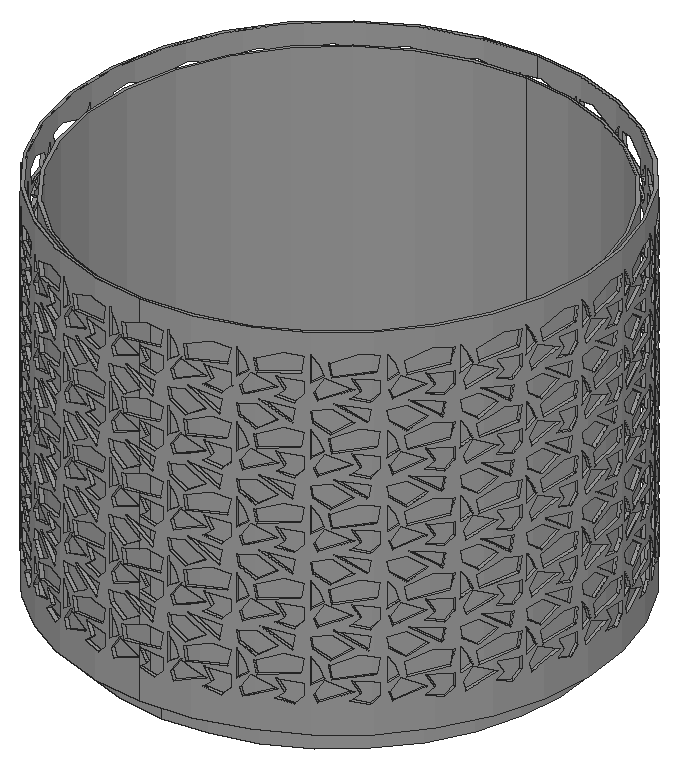
Revit family "14832 Цветочница «Филигран» средняя, диаметр 900 мм Хоббика", category Антураж, Revit 2018
Family settings
  На основе рабочей плоскости = Нет
  Всегда вертикально = Да
  При загрузке вырезать с полостями = Нет
  Источник визуального образа = Геометрия семейства
  Общий = Нет
  Точка расчета площади = Нет
Parameters (values of type "Цветочница «Филигран» средняя, диаметр 900 мм")
  Ширина = Диаметр  # 900 mm
  Цвет отделки = Сталь окрашеная
  Описание = "Цветочница «Филигран» средняя, диаметр 900 мм"  # constant formula
  Материал изделия = "Сталь, съемная оцинкованная вставка"  # constant formula
  Изображение типоразмера = Цветочница «Филигран» средняя, диаметр 900 мм Арт 14832.jpg
  Изготовитель = "ООО«Хоббика»"  # constant formula
  Длина = Диаметр  # 900 mm
  Диаметр = 900 mm  # constant formula
  Группа модели = "Цветочницы и уличные вазоны для цветов"  # constant formula
  Высота = 700 mm  # constant formula
  Артикул товара = "Арт. 14832"  # constant formula
  URL = "https://hobbyka.ru/product/tsvetochnitsa_filigran_bolshaya"
Reference planes
  plane 1 "По центру (Вперед/Назад)": y = 0
  plane 2: z = 0
  plane 3 "По центру (Влево/Вправо)": x = 0
  plane 4: y = 900
  plane 5: x = 900
  plane 6: z = 700
Forms (mm)
  Revolve 1, solid, material "Сталь окрашеная" <- "Цвет отделки"
    sketch origin (450, 0, 0) x (0, 1, 0) y (0, 0, 1)
      loop
        line (5, 700) -> (0, 700) -> (0, 50) -> (50, 50) -> (50, 0) -> (450, 0) -> (450, 5) -> (55, 5) -> (55, 55) -> (5, 55) -> (5, 700)
      axis (450, 700) -> (450, 0)
    angle from 0 to 360
  Revolve 2, solid, material "Сталь"
    sketch origin (450, 0, 0) x (0, 1, 0) y (0, 0, 1)
      loop
        line (30, 675) -> (25, 675) -> (25, 75) -> (450, 75) -> (450, 80) -> (30, 80) -> (30, 675)
      axis (450, 675) -> (450, 75)
    angle from 0 to 360
  Extrusion 3, void
    sketch origin (0.829, -145.167, 0) x (0, 1, 0) y (0, 0, 1)
      loop
        line (588.639, 665.248) -> (575.707, 648.292) -> (568.867, 629.498) -> (588.639, 618.083) -> (588.639, 665.248)
      loop
        line (563.682, 650.794) -> (519.831, 666.754) -> (490.287, 661.545) -> (494.976, 634.951) -> (559.492, 627.029) -> (563.682, 650.794)
      loop
        line (584.351, 604.319) -> (568.12, 627.499) -> (527.336, 608.481) -> (579.019, 589.67) -> (584.351, 604.319)
      loop
        line (556.066, 585.604) -> (503.268, 576.294) -> (507.609, 551.674) -> (556.066, 585.604)
      loop
        line (588.917, 573.182) -> (559.373, 578.391) -> (526.607, 555.448) -> (559.625, 536.385) -> (585.641, 554.601) -> (588.917, 573.182)
      loop
        line (588.639, 543.248) -> (575.707, 526.292) -> (568.867, 507.498) -> (588.639, 496.083) -> (588.639, 543.248)
      loop
        line (563.682, 528.794) -> (519.831, 544.754) -> (490.287, 539.545) -> (494.976, 512.951) -> (559.492, 505.029) -> (563.682, 528.794)
      loop
        line (490.287, 599.912) -> (504.429, 585.77) -> (533.407, 593.534) -> (518.941, 604.566) -> (531.441, 626.217) -> (490.287, 621.966) -> (490.287, 599.912)
      loop
        line (584.351, 482.319) -> (568.12, 505.499) -> (527.336, 486.481) -> (579.019, 467.67) -> (584.351, 482.319)
      loop
        line (556.066, 463.604) -> (503.268, 454.294) -> (507.609, 429.674) -> (556.066, 463.604)
      loop
        line (588.917, 451.182) -> (559.373, 456.391) -> (526.607, 433.448) -> (559.625, 414.385) -> (585.641, 432.601) -> (588.917, 451.182)
      loop
        line (588.639, 421.248) -> (575.707, 404.292) -> (568.867, 385.498) -> (588.639, 374.083) -> (588.639, 421.248)
      loop
        line (563.682, 406.794) -> (519.831, 422.754) -> (490.287, 417.545) -> (494.976, 390.951) -> (559.492, 383.029) -> (563.682, 406.794)
      loop
        line (490.287, 477.912) -> (504.429, 463.77) -> (533.407, 471.534) -> (518.941, 482.566) -> (531.441, 504.217) -> (490.287, 499.966) -> (490.287, 477.912)
      loop
        line (584.351, 360.319) -> (568.12, 383.499) -> (527.336, 364.481) -> (579.019, 345.67) -> (584.351, 360.319)
      loop
        line (556.066, 341.604) -> (503.268, 332.294) -> (507.609, 307.674) -> (556.066, 341.604)
      loop
        line (588.917, 329.182) -> (559.373, 334.391) -> (526.607, 311.448) -> (559.625, 292.385) -> (585.641, 310.601) -> (588.917, 329.182)
      loop
        line (588.639, 299.248) -> (575.707, 282.292) -> (568.867, 263.498) -> (588.639, 252.083) -> (588.639, 299.248)
      loop
        line (563.682, 284.794) -> (519.831, 300.754) -> (490.287, 295.545) -> (494.976, 268.951) -> (559.492, 261.029) -> (563.682, 284.794)
      loop
        line (490.287, 355.912) -> (504.429, 341.77) -> (533.407, 349.534) -> (518.941, 360.566) -> (531.441, 382.217) -> (490.287, 377.966) -> (490.287, 355.912)
      loop
        line (584.351, 238.319) -> (568.12, 261.499) -> (527.336, 242.481) -> (579.019, 223.67) -> (584.351, 238.319)
      loop
        line (556.066, 219.604) -> (503.268, 210.294) -> (507.609, 185.674) -> (556.066, 219.604)
      loop
        line (588.917, 207.182) -> (559.373, 212.391) -> (526.607, 189.448) -> (559.625, 170.385) -> (585.641, 188.601) -> (588.917, 207.182)
      loop
        line (588.639, 177.248) -> (575.707, 160.292) -> (568.867, 141.498) -> (588.639, 130.083) -> (588.639, 177.248)
      loop
        line (563.682, 162.794) -> (519.831, 178.754) -> (490.287, 173.545) -> (494.976, 146.951) -> (559.492, 139.029) -> (563.682, 162.794)
      loop
        line (490.287, 233.912) -> (504.429, 219.77) -> (533.407, 227.534) -> (518.941, 238.566) -> (531.441, 260.217) -> (490.287, 255.966) -> (490.287, 233.912)
      loop
        line (584.351, 116.319) -> (568.12, 139.499) -> (527.336, 120.481) -> (579.019, 101.67) -> (584.351, 116.319)
      loop
        line (490.287, 111.912) -> (504.429, 97.77) -> (533.407, 105.534) -> (518.941, 116.566) -> (531.441, 138.217) -> (490.287, 133.966) -> (490.287, 111.912)
    from -4.356 to 19.171
  Extrusion 4, void
    sketch origin (153.754, -234.264, 0) x (-0.235685, 0.97183, 0) y (0, 0, 1)
      loop
        line (588.639, 665.248) -> (575.707, 648.292) -> (568.867, 629.498) -> (588.639, 618.083) -> (588.639, 665.248)
      loop
        line (563.682, 650.794) -> (519.831, 666.754) -> (490.287, 661.545) -> (494.976, 634.951) -> (559.492, 627.029) -> (563.682, 650.794)
      loop
        line (584.351, 604.319) -> (568.12, 627.499) -> (527.336, 608.481) -> (579.019, 589.67) -> (584.351, 604.319)
      loop
        line (556.066, 585.604) -> (503.268, 576.294) -> (507.609, 551.674) -> (556.066, 585.604)
      loop
        line (588.917, 573.182) -> (559.373, 578.391) -> (526.607, 555.448) -> (559.625, 536.385) -> (585.641, 554.601) -> (588.917, 573.182)
      loop
        line (588.639, 543.248) -> (575.707, 526.292) -> (568.867, 507.498) -> (588.639, 496.083) -> (588.639, 543.248)
      loop
        line (563.682, 528.794) -> (519.831, 544.754) -> (490.287, 539.545) -> (494.976, 512.951) -> (559.492, 505.029) -> (563.682, 528.794)
      loop
        line (490.287, 599.912) -> (504.429, 585.77) -> (533.407, 593.534) -> (518.941, 604.566) -> (531.441, 626.217) -> (490.287, 621.966) -> (490.287, 599.912)
      loop
        line (584.351, 482.319) -> (568.12, 505.499) -> (527.336, 486.481) -> (579.019, 467.67) -> (584.351, 482.319)
      loop
        line (556.066, 463.604) -> (503.268, 454.294) -> (507.609, 429.674) -> (556.066, 463.604)
      loop
        line (588.917, 451.182) -> (559.373, 456.391) -> (526.607, 433.448) -> (559.625, 414.385) -> (585.641, 432.601) -> (588.917, 451.182)
      loop
        line (588.639, 421.248) -> (575.707, 404.292) -> (568.867, 385.498) -> (588.639, 374.083) -> (588.639, 421.248)
      loop
        line (563.682, 406.794) -> (519.831, 422.754) -> (490.287, 417.545) -> (494.976, 390.951) -> (559.492, 383.029) -> (563.682, 406.794)
      loop
        line (490.287, 477.912) -> (504.429, 463.77) -> (533.407, 471.534) -> (518.941, 482.566) -> (531.441, 504.217) -> (490.287, 499.966) -> (490.287, 477.912)
      loop
        line (584.351, 360.319) -> (568.12, 383.499) -> (527.336, 364.481) -> (579.019, 345.67) -> (584.351, 360.319)
      loop
        line (556.066, 341.604) -> (503.268, 332.294) -> (507.609, 307.674) -> (556.066, 341.604)
      loop
        line (588.917, 329.182) -> (559.373, 334.391) -> (526.607, 311.448) -> (559.625, 292.385) -> (585.641, 310.601) -> (588.917, 329.182)
      loop
        line (588.639, 299.248) -> (575.707, 282.292) -> (568.867, 263.498) -> (588.639, 252.083) -> (588.639, 299.248)
      loop
        line (563.682, 284.794) -> (519.831, 300.754) -> (490.287, 295.545) -> (494.976, 268.951) -> (559.492, 261.029) -> (563.682, 284.794)
      loop
        line (490.287, 355.912) -> (504.429, 341.77) -> (533.407, 349.534) -> (518.941, 360.566) -> (531.441, 382.217) -> (490.287, 377.966) -> (490.287, 355.912)
      loop
        line (584.351, 238.319) -> (568.12, 261.499) -> (527.336, 242.481) -> (579.019, 223.67) -> (584.351, 238.319)
      loop
        line (556.066, 219.604) -> (503.268, 210.294) -> (507.609, 185.674) -> (556.066, 219.604)
      loop
        line (588.917, 207.182) -> (559.373, 212.391) -> (526.607, 189.448) -> (559.625, 170.385) -> (585.641, 188.601) -> (588.917, 207.182)
      loop
        line (588.639, 177.248) -> (575.707, 160.292) -> (568.867, 141.498) -> (588.639, 130.083) -> (588.639, 177.248)
      loop
        line (563.682, 162.794) -> (519.831, 178.754) -> (490.287, 173.545) -> (494.976, 146.951) -> (559.492, 139.029) -> (563.682, 162.794)
      loop
        line (490.287, 233.912) -> (504.429, 219.77) -> (533.407, 227.534) -> (518.941, 238.566) -> (531.441, 260.217) -> (490.287, 255.966) -> (490.287, 233.912)
      loop
        line (584.351, 116.319) -> (568.12, 139.499) -> (527.336, 120.481) -> (579.019, 101.67) -> (584.351, 116.319)
      loop
        line (490.287, 111.912) -> (504.429, 97.77) -> (533.407, 105.534) -> (518.941, 116.566) -> (531.441, 138.217) -> (490.287, 133.966) -> (490.287, 111.912)
    from -4.356 to 19.171
  Extrusion 5, void
    sketch origin (323.37, -284.808, 0) x (-0.458091, 0.888905, 0) y (0, 0, 1)
      loop
        line (588.639, 665.248) -> (575.707, 648.292) -> (568.867, 629.498) -> (588.639, 618.083) -> (588.639, 665.248)
      loop
        line (563.682, 650.794) -> (519.831, 666.754) -> (490.287, 661.545) -> (494.976, 634.951) -> (559.492, 627.029) -> (563.682, 650.794)
      loop
        line (584.351, 604.319) -> (568.12, 627.499) -> (527.336, 608.481) -> (579.019, 589.67) -> (584.351, 604.319)
      loop
        line (556.066, 585.604) -> (503.268, 576.294) -> (507.609, 551.674) -> (556.066, 585.604)
      loop
        line (588.917, 573.182) -> (559.373, 578.391) -> (526.607, 555.448) -> (559.625, 536.385) -> (585.641, 554.601) -> (588.917, 573.182)
      loop
        line (588.639, 543.248) -> (575.707, 526.292) -> (568.867, 507.498) -> (588.639, 496.083) -> (588.639, 543.248)
      loop
        line (563.682, 528.794) -> (519.831, 544.754) -> (490.287, 539.545) -> (494.976, 512.951) -> (559.492, 505.029) -> (563.682, 528.794)
      loop
        line (490.287, 599.912) -> (504.429, 585.77) -> (533.407, 593.534) -> (518.941, 604.566) -> (531.441, 626.217) -> (490.287, 621.966) -> (490.287, 599.912)
      loop
        line (584.351, 482.319) -> (568.12, 505.499) -> (527.336, 486.481) -> (579.019, 467.67) -> (584.351, 482.319)
      loop
        line (556.066, 463.604) -> (503.268, 454.294) -> (507.609, 429.674) -> (556.066, 463.604)
      loop
        line (588.917, 451.182) -> (559.373, 456.391) -> (526.607, 433.448) -> (559.625, 414.385) -> (585.641, 432.601) -> (588.917, 451.182)
      loop
        line (588.639, 421.248) -> (575.707, 404.292) -> (568.867, 385.498) -> (588.639, 374.083) -> (588.639, 421.248)
      loop
        line (563.682, 406.794) -> (519.831, 422.754) -> (490.287, 417.545) -> (494.976, 390.951) -> (559.492, 383.029) -> (563.682, 406.794)
      loop
        line (490.287, 477.912) -> (504.429, 463.77) -> (533.407, 471.534) -> (518.941, 482.566) -> (531.441, 504.217) -> (490.287, 499.966) -> (490.287, 477.912)
      loop
        line (584.351, 360.319) -> (568.12, 383.499) -> (527.336, 364.481) -> (579.019, 345.67) -> (584.351, 360.319)
      loop
        line (556.066, 341.604) -> (503.268, 332.294) -> (507.609, 307.674) -> (556.066, 341.604)
      loop
        line (588.917, 329.182) -> (559.373, 334.391) -> (526.607, 311.448) -> (559.625, 292.385) -> (585.641, 310.601) -> (588.917, 329.182)
      loop
        line (588.639, 299.248) -> (575.707, 282.292) -> (568.867, 263.498) -> (588.639, 252.083) -> (588.639, 299.248)
      loop
        line (563.682, 284.794) -> (519.831, 300.754) -> (490.287, 295.545) -> (494.976, 268.951) -> (559.492, 261.029) -> (563.682, 284.794)
      loop
        line (490.287, 355.912) -> (504.429, 341.77) -> (533.407, 349.534) -> (518.941, 360.566) -> (531.441, 382.217) -> (490.287, 377.966) -> (490.287, 355.912)
      loop
        line (584.351, 238.319) -> (568.12, 261.499) -> (527.336, 242.481) -> (579.019, 223.67) -> (584.351, 238.319)
      loop
        line (556.066, 219.604) -> (503.268, 210.294) -> (507.609, 185.674) -> (556.066, 219.604)
      loop
        line (588.917, 207.182) -> (559.373, 212.391) -> (526.607, 189.448) -> (559.625, 170.385) -> (585.641, 188.601) -> (588.917, 207.182)
      loop
        line (588.639, 177.248) -> (575.707, 160.292) -> (568.867, 141.498) -> (588.639, 130.083) -> (588.639, 177.248)
      loop
        line (563.682, 162.794) -> (519.831, 178.754) -> (490.287, 173.545) -> (494.976, 146.951) -> (559.492, 139.029) -> (563.682, 162.794)
      loop
        line (490.287, 233.912) -> (504.429, 219.77) -> (533.407, 227.534) -> (518.941, 238.566) -> (531.441, 260.217) -> (490.287, 255.966) -> (490.287, 233.912)
      loop
        line (584.351, 116.319) -> (568.12, 139.499) -> (527.336, 120.481) -> (579.019, 101.67) -> (584.351, 116.319)
      loop
        line (490.287, 111.912) -> (504.429, 97.77) -> (533.407, 105.534) -> (518.941, 116.566) -> (531.441, 138.217) -> (490.287, 133.966) -> (490.287, 111.912)
    from -4.356 to 19.171
  Extrusion 6, void
    sketch origin (500.121, -293.953, 0) x (-0.654688, 0.755899, 0) y (0, 0, 1)
      loop
        line (588.639, 665.248) -> (575.707, 648.292) -> (568.867, 629.498) -> (588.639, 618.083) -> (588.639, 665.248)
      loop
        line (563.682, 650.794) -> (519.831, 666.754) -> (490.287, 661.545) -> (494.976, 634.951) -> (559.492, 627.029) -> (563.682, 650.794)
      loop
        line (584.351, 604.319) -> (568.12, 627.499) -> (527.336, 608.481) -> (579.019, 589.67) -> (584.351, 604.319)
      loop
        line (556.066, 585.604) -> (503.268, 576.294) -> (507.609, 551.674) -> (556.066, 585.604)
      loop
        line (588.917, 573.182) -> (559.373, 578.391) -> (526.607, 555.448) -> (559.625, 536.385) -> (585.641, 554.601) -> (588.917, 573.182)
      loop
        line (588.639, 543.248) -> (575.707, 526.292) -> (568.867, 507.498) -> (588.639, 496.083) -> (588.639, 543.248)
      loop
        line (563.682, 528.794) -> (519.831, 544.754) -> (490.287, 539.545) -> (494.976, 512.951) -> (559.492, 505.029) -> (563.682, 528.794)
      loop
        line (490.287, 599.912) -> (504.429, 585.77) -> (533.407, 593.534) -> (518.941, 604.566) -> (531.441, 626.217) -> (490.287, 621.966) -> (490.287, 599.912)
      loop
        line (584.351, 482.319) -> (568.12, 505.499) -> (527.336, 486.481) -> (579.019, 467.67) -> (584.351, 482.319)
      loop
        line (556.066, 463.604) -> (503.268, 454.294) -> (507.609, 429.674) -> (556.066, 463.604)
      loop
        line (588.917, 451.182) -> (559.373, 456.391) -> (526.607, 433.448) -> (559.625, 414.385) -> (585.641, 432.601) -> (588.917, 451.182)
      loop
        line (588.639, 421.248) -> (575.707, 404.292) -> (568.867, 385.498) -> (588.639, 374.083) -> (588.639, 421.248)
      loop
        line (563.682, 406.794) -> (519.831, 422.754) -> (490.287, 417.545) -> (494.976, 390.951) -> (559.492, 383.029) -> (563.682, 406.794)
      loop
        line (490.287, 477.912) -> (504.429, 463.77) -> (533.407, 471.534) -> (518.941, 482.566) -> (531.441, 504.217) -> (490.287, 499.966) -> (490.287, 477.912)
      loop
        line (584.351, 360.319) -> (568.12, 383.499) -> (527.336, 364.481) -> (579.019, 345.67) -> (584.351, 360.319)
      loop
        line (556.066, 341.604) -> (503.268, 332.294) -> (507.609, 307.674) -> (556.066, 341.604)
      loop
        line (588.917, 329.182) -> (559.373, 334.391) -> (526.607, 311.448) -> (559.625, 292.385) -> (585.641, 310.601) -> (588.917, 329.182)
      loop
        line (588.639, 299.248) -> (575.707, 282.292) -> (568.867, 263.498) -> (588.639, 252.083) -> (588.639, 299.248)
      loop
        line (563.682, 284.794) -> (519.831, 300.754) -> (490.287, 295.545) -> (494.976, 268.951) -> (559.492, 261.029) -> (563.682, 284.794)
      loop
        line (490.287, 355.912) -> (504.429, 341.77) -> (533.407, 349.534) -> (518.941, 360.566) -> (531.441, 382.217) -> (490.287, 377.966) -> (490.287, 355.912)
      loop
        line (584.351, 238.319) -> (568.12, 261.499) -> (527.336, 242.481) -> (579.019, 223.67) -> (584.351, 238.319)
      loop
        line (556.066, 219.604) -> (503.268, 210.294) -> (507.609, 185.674) -> (556.066, 219.604)
      loop
        line (588.917, 207.182) -> (559.373, 212.391) -> (526.607, 189.448) -> (559.625, 170.385) -> (585.641, 188.601) -> (588.917, 207.182)
      loop
        line (588.639, 177.248) -> (575.707, 160.292) -> (568.867, 141.498) -> (588.639, 130.083) -> (588.639, 177.248)
      loop
        line (563.682, 162.794) -> (519.831, 178.754) -> (490.287, 173.545) -> (494.976, 146.951) -> (559.492, 139.029) -> (563.682, 162.794)
      loop
        line (490.287, 233.912) -> (504.429, 219.77) -> (533.407, 227.534) -> (518.941, 238.566) -> (531.441, 260.217) -> (490.287, 255.966) -> (490.287, 233.912)
      loop
        line (584.351, 116.319) -> (568.12, 139.499) -> (527.336, 120.481) -> (579.019, 101.67) -> (584.351, 116.319)
      loop
        line (490.287, 111.912) -> (504.429, 97.77) -> (533.407, 105.534) -> (518.941, 116.566) -> (531.441, 138.217) -> (490.287, 133.966) -> (490.287, 111.912)
    from -4.356 to 19.171
  Extrusion 7, void
    sketch origin (674.047, -261.183, 0) x (-0.814399, 0.580305, 0) y (0, 0, 1)
      loop
        line (588.639, 665.248) -> (575.707, 648.292) -> (568.867, 629.498) -> (588.639, 618.083) -> (588.639, 665.248)
      loop
        line (563.682, 650.794) -> (519.831, 666.754) -> (490.287, 661.545) -> (494.976, 634.951) -> (559.492, 627.029) -> (563.682, 650.794)
      loop
        line (584.351, 604.319) -> (568.12, 627.499) -> (527.336, 608.481) -> (579.019, 589.67) -> (584.351, 604.319)
      loop
        line (556.066, 585.604) -> (503.268, 576.294) -> (507.609, 551.674) -> (556.066, 585.604)
      loop
        line (588.917, 573.182) -> (559.373, 578.391) -> (526.607, 555.448) -> (559.625, 536.385) -> (585.641, 554.601) -> (588.917, 573.182)
      loop
        line (588.639, 543.248) -> (575.707, 526.292) -> (568.867, 507.498) -> (588.639, 496.083) -> (588.639, 543.248)
      loop
        line (563.682, 528.794) -> (519.831, 544.754) -> (490.287, 539.545) -> (494.976, 512.951) -> (559.492, 505.029) -> (563.682, 528.794)
      loop
        line (490.287, 599.912) -> (504.429, 585.77) -> (533.407, 593.534) -> (518.941, 604.566) -> (531.441, 626.217) -> (490.287, 621.966) -> (490.287, 599.912)
      loop
        line (584.351, 482.319) -> (568.12, 505.499) -> (527.336, 486.481) -> (579.019, 467.67) -> (584.351, 482.319)
      loop
        line (556.066, 463.604) -> (503.268, 454.294) -> (507.609, 429.674) -> (556.066, 463.604)
      loop
        line (588.917, 451.182) -> (559.373, 456.391) -> (526.607, 433.448) -> (559.625, 414.385) -> (585.641, 432.601) -> (588.917, 451.182)
      loop
        line (588.639, 421.248) -> (575.707, 404.292) -> (568.867, 385.498) -> (588.639, 374.083) -> (588.639, 421.248)
      loop
        line (563.682, 406.794) -> (519.831, 422.754) -> (490.287, 417.545) -> (494.976, 390.951) -> (559.492, 383.029) -> (563.682, 406.794)
      loop
        line (490.287, 477.912) -> (504.429, 463.77) -> (533.407, 471.534) -> (518.941, 482.566) -> (531.441, 504.217) -> (490.287, 499.966) -> (490.287, 477.912)
      loop
        line (584.351, 360.319) -> (568.12, 383.499) -> (527.336, 364.481) -> (579.019, 345.67) -> (584.351, 360.319)
      loop
        line (556.066, 341.604) -> (503.268, 332.294) -> (507.609, 307.674) -> (556.066, 341.604)
      loop
        line (588.917, 329.182) -> (559.373, 334.391) -> (526.607, 311.448) -> (559.625, 292.385) -> (585.641, 310.601) -> (588.917, 329.182)
      loop
        line (588.639, 299.248) -> (575.707, 282.292) -> (568.867, 263.498) -> (588.639, 252.083) -> (588.639, 299.248)
      loop
        line (563.682, 284.794) -> (519.831, 300.754) -> (490.287, 295.545) -> (494.976, 268.951) -> (559.492, 261.029) -> (563.682, 284.794)
      loop
        line (490.287, 355.912) -> (504.429, 341.77) -> (533.407, 349.534) -> (518.941, 360.566) -> (531.441, 382.217) -> (490.287, 377.966) -> (490.287, 355.912)
      loop
        line (584.351, 238.319) -> (568.12, 261.499) -> (527.336, 242.481) -> (579.019, 223.67) -> (584.351, 238.319)
      loop
        line (556.066, 219.604) -> (503.268, 210.294) -> (507.609, 185.674) -> (556.066, 219.604)
      loop
        line (588.917, 207.182) -> (559.373, 212.391) -> (526.607, 189.448) -> (559.625, 170.385) -> (585.641, 188.601) -> (588.917, 207.182)
      loop
        line (588.639, 177.248) -> (575.707, 160.292) -> (568.867, 141.498) -> (588.639, 130.083) -> (588.639, 177.248)
      loop
        line (563.682, 162.794) -> (519.831, 178.754) -> (490.287, 173.545) -> (494.976, 146.951) -> (559.492, 139.029) -> (563.682, 162.794)
      loop
        line (490.287, 233.912) -> (504.429, 219.77) -> (533.407, 227.534) -> (518.941, 238.566) -> (531.441, 260.217) -> (490.287, 255.966) -> (490.287, 233.912)
      loop
        line (584.351, 116.319) -> (568.12, 139.499) -> (527.336, 120.481) -> (579.019, 101.67) -> (584.351, 116.319)
      loop
        line (490.287, 111.912) -> (504.429, 97.77) -> (533.407, 105.534) -> (518.941, 116.566) -> (531.441, 138.217) -> (490.287, 133.966) -> (490.287, 111.912)
    from -4.356 to 19.171
  Extrusion 8, void
    sketch origin (835.351, -188.344, 0) x (-0.928226, 0.372016, 0) y (0, 0, 1)
      loop
        line (588.639, 665.248) -> (575.707, 648.292) -> (568.867, 629.498) -> (588.639, 618.083) -> (588.639, 665.248)
      loop
        line (563.682, 650.794) -> (519.831, 666.754) -> (490.287, 661.545) -> (494.976, 634.951) -> (559.492, 627.029) -> (563.682, 650.794)
      loop
        line (584.351, 604.319) -> (568.12, 627.499) -> (527.336, 608.481) -> (579.019, 589.67) -> (584.351, 604.319)
      loop
        line (556.066, 585.604) -> (503.268, 576.294) -> (507.609, 551.674) -> (556.066, 585.604)
      loop
        line (588.917, 573.182) -> (559.373, 578.391) -> (526.607, 555.448) -> (559.625, 536.385) -> (585.641, 554.601) -> (588.917, 573.182)
      loop
        line (588.639, 543.248) -> (575.707, 526.292) -> (568.867, 507.498) -> (588.639, 496.083) -> (588.639, 543.248)
      loop
        line (563.682, 528.794) -> (519.831, 544.754) -> (490.287, 539.545) -> (494.976, 512.951) -> (559.492, 505.029) -> (563.682, 528.794)
      loop
        line (490.287, 599.912) -> (504.429, 585.77) -> (533.407, 593.534) -> (518.941, 604.566) -> (531.441, 626.217) -> (490.287, 621.966) -> (490.287, 599.912)
      loop
        line (584.351, 482.319) -> (568.12, 505.499) -> (527.336, 486.481) -> (579.019, 467.67) -> (584.351, 482.319)
      loop
        line (556.066, 463.604) -> (503.268, 454.294) -> (507.609, 429.674) -> (556.066, 463.604)
      loop
        line (588.917, 451.182) -> (559.373, 456.391) -> (526.607, 433.448) -> (559.625, 414.385) -> (585.641, 432.601) -> (588.917, 451.182)
      loop
        line (588.639, 421.248) -> (575.707, 404.292) -> (568.867, 385.498) -> (588.639, 374.083) -> (588.639, 421.248)
      loop
        line (563.682, 406.794) -> (519.831, 422.754) -> (490.287, 417.545) -> (494.976, 390.951) -> (559.492, 383.029) -> (563.682, 406.794)
      loop
        line (490.287, 477.912) -> (504.429, 463.77) -> (533.407, 471.534) -> (518.941, 482.566) -> (531.441, 504.217) -> (490.287, 499.966) -> (490.287, 477.912)
      loop
        line (584.351, 360.319) -> (568.12, 383.499) -> (527.336, 364.481) -> (579.019, 345.67) -> (584.351, 360.319)
      loop
        line (556.066, 341.604) -> (503.268, 332.294) -> (507.609, 307.674) -> (556.066, 341.604)
      loop
        line (588.917, 329.182) -> (559.373, 334.391) -> (526.607, 311.448) -> (559.625, 292.385) -> (585.641, 310.601) -> (588.917, 329.182)
      loop
        line (588.639, 299.248) -> (575.707, 282.292) -> (568.867, 263.498) -> (588.639, 252.083) -> (588.639, 299.248)
      loop
        line (563.682, 284.794) -> (519.831, 300.754) -> (490.287, 295.545) -> (494.976, 268.951) -> (559.492, 261.029) -> (563.682, 284.794)
      loop
        line (490.287, 355.912) -> (504.429, 341.77) -> (533.407, 349.534) -> (518.941, 360.566) -> (531.441, 382.217) -> (490.287, 377.966) -> (490.287, 355.912)
      loop
        line (584.351, 238.319) -> (568.12, 261.499) -> (527.336, 242.481) -> (579.019, 223.67) -> (584.351, 238.319)
      loop
        line (556.066, 219.604) -> (503.268, 210.294) -> (507.609, 185.674) -> (556.066, 219.604)
      loop
        line (588.917, 207.182) -> (559.373, 212.391) -> (526.607, 189.448) -> (559.625, 170.385) -> (585.641, 188.601) -> (588.917, 207.182)
      loop
        line (588.639, 177.248) -> (575.707, 160.292) -> (568.867, 141.498) -> (588.639, 130.083) -> (588.639, 177.248)
      loop
        line (563.682, 162.794) -> (519.831, 178.754) -> (490.287, 173.545) -> (494.976, 146.951) -> (559.492, 139.029) -> (563.682, 162.794)
      loop
        line (490.287, 233.912) -> (504.429, 219.77) -> (533.407, 227.534) -> (518.941, 238.566) -> (531.441, 260.217) -> (490.287, 255.966) -> (490.287, 233.912)
      loop
        line (584.351, 116.319) -> (568.12, 139.499) -> (527.336, 120.481) -> (579.019, 101.67) -> (584.351, 116.319)
      loop
        line (490.287, 111.912) -> (504.429, 97.77) -> (533.407, 105.534) -> (518.941, 116.566) -> (531.441, 138.217) -> (490.287, 133.966) -> (490.287, 111.912)
    from -4.356 to 19.171
  Extrusion 9, void
    sketch origin (974.944, -79.54, 0) x (-0.989756, 0.142767, 0) y (0, 0, 1)
      loop
        line (588.639, 665.248) -> (575.707, 648.292) -> (568.867, 629.498) -> (588.639, 618.083) -> (588.639, 665.248)
      loop
        line (563.682, 650.794) -> (519.831, 666.754) -> (490.287, 661.545) -> (494.976, 634.951) -> (559.492, 627.029) -> (563.682, 650.794)
      loop
        line (584.351, 604.319) -> (568.12, 627.499) -> (527.336, 608.481) -> (579.019, 589.67) -> (584.351, 604.319)
      loop
        line (556.066, 585.604) -> (503.268, 576.294) -> (507.609, 551.674) -> (556.066, 585.604)
      loop
        line (588.917, 573.182) -> (559.373, 578.391) -> (526.607, 555.448) -> (559.625, 536.385) -> (585.641, 554.601) -> (588.917, 573.182)
      loop
        line (588.639, 543.248) -> (575.707, 526.292) -> (568.867, 507.498) -> (588.639, 496.083) -> (588.639, 543.248)
      loop
        line (563.682, 528.794) -> (519.831, 544.754) -> (490.287, 539.545) -> (494.976, 512.951) -> (559.492, 505.029) -> (563.682, 528.794)
      loop
        line (490.287, 599.912) -> (504.429, 585.77) -> (533.407, 593.534) -> (518.941, 604.566) -> (531.441, 626.217) -> (490.287, 621.966) -> (490.287, 599.912)
      loop
        line (584.351, 482.319) -> (568.12, 505.499) -> (527.336, 486.481) -> (579.019, 467.67) -> (584.351, 482.319)
      loop
        line (556.066, 463.604) -> (503.268, 454.294) -> (507.609, 429.674) -> (556.066, 463.604)
      loop
        line (588.917, 451.182) -> (559.373, 456.391) -> (526.607, 433.448) -> (559.625, 414.385) -> (585.641, 432.601) -> (588.917, 451.182)
      loop
        line (588.639, 421.248) -> (575.707, 404.292) -> (568.867, 385.498) -> (588.639, 374.083) -> (588.639, 421.248)
      loop
        line (563.682, 406.794) -> (519.831, 422.754) -> (490.287, 417.545) -> (494.976, 390.951) -> (559.492, 383.029) -> (563.682, 406.794)
      loop
        line (490.287, 477.912) -> (504.429, 463.77) -> (533.407, 471.534) -> (518.941, 482.566) -> (531.441, 504.217) -> (490.287, 499.966) -> (490.287, 477.912)
      loop
        line (584.351, 360.319) -> (568.12, 383.499) -> (527.336, 364.481) -> (579.019, 345.67) -> (584.351, 360.319)
      loop
        line (556.066, 341.604) -> (503.268, 332.294) -> (507.609, 307.674) -> (556.066, 341.604)
      loop
        line (588.917, 329.182) -> (559.373, 334.391) -> (526.607, 311.448) -> (559.625, 292.385) -> (585.641, 310.601) -> (588.917, 329.182)
      loop
        line (588.639, 299.248) -> (575.707, 282.292) -> (568.867, 263.498) -> (588.639, 252.083) -> (588.639, 299.248)
      loop
        line (563.682, 284.794) -> (519.831, 300.754) -> (490.287, 295.545) -> (494.976, 268.951) -> (559.492, 261.029) -> (563.682, 284.794)
      loop
        line (490.287, 355.912) -> (504.429, 341.77) -> (533.407, 349.534) -> (518.941, 360.566) -> (531.441, 382.217) -> (490.287, 377.966) -> (490.287, 355.912)
      loop
        line (584.351, 238.319) -> (568.12, 261.499) -> (527.336, 242.481) -> (579.019, 223.67) -> (584.351, 238.319)
      loop
        line (556.066, 219.604) -> (503.268, 210.294) -> (507.609, 185.674) -> (556.066, 219.604)
      loop
        line (588.917, 207.182) -> (559.373, 212.391) -> (526.607, 189.448) -> (559.625, 170.385) -> (585.641, 188.601) -> (588.917, 207.182)
      loop
        line (588.639, 177.248) -> (575.707, 160.292) -> (568.867, 141.498) -> (588.639, 130.083) -> (588.639, 177.248)
      loop
        line (563.682, 162.794) -> (519.831, 178.754) -> (490.287, 173.545) -> (494.976, 146.951) -> (559.492, 139.029) -> (563.682, 162.794)
      loop
        line (490.287, 233.912) -> (504.429, 219.77) -> (533.407, 227.534) -> (518.941, 238.566) -> (531.441, 260.217) -> (490.287, 255.966) -> (490.287, 233.912)
      loop
        line (584.351, 116.319) -> (568.12, 139.499) -> (527.336, 120.481) -> (579.019, 101.67) -> (584.351, 116.319)
      loop
        line (490.287, 111.912) -> (504.429, 97.77) -> (533.407, 105.534) -> (518.941, 116.566) -> (531.441, 138.217) -> (490.287, 133.966) -> (490.287, 111.912)
    from -4.356 to 19.171
  Extrusion 10, void
    sketch origin (1084.96, 59.099, 0) x (-0.995522, -0.094526, 0) y (0, 0, 1)
      loop
        line (588.639, 665.248) -> (575.707, 648.292) -> (568.867, 629.498) -> (588.639, 618.083) -> (588.639, 665.248)
      loop
        line (563.682, 650.794) -> (519.831, 666.754) -> (490.287, 661.545) -> (494.976, 634.951) -> (559.492, 627.029) -> (563.682, 650.794)
      loop
        line (584.351, 604.319) -> (568.12, 627.499) -> (527.336, 608.481) -> (579.019, 589.67) -> (584.351, 604.319)
      loop
        line (556.066, 585.604) -> (503.268, 576.294) -> (507.609, 551.674) -> (556.066, 585.604)
      loop
        line (588.917, 573.182) -> (559.373, 578.391) -> (526.607, 555.448) -> (559.625, 536.385) -> (585.641, 554.601) -> (588.917, 573.182)
      loop
        line (588.639, 543.248) -> (575.707, 526.292) -> (568.867, 507.498) -> (588.639, 496.083) -> (588.639, 543.248)
      loop
        line (563.682, 528.794) -> (519.831, 544.754) -> (490.287, 539.545) -> (494.976, 512.951) -> (559.492, 505.029) -> (563.682, 528.794)
      loop
        line (490.287, 599.912) -> (504.429, 585.77) -> (533.407, 593.534) -> (518.941, 604.566) -> (531.441, 626.217) -> (490.287, 621.966) -> (490.287, 599.912)
      loop
        line (584.351, 482.319) -> (568.12, 505.499) -> (527.336, 486.481) -> (579.019, 467.67) -> (584.351, 482.319)
      loop
        line (556.066, 463.604) -> (503.268, 454.294) -> (507.609, 429.674) -> (556.066, 463.604)
      loop
        line (588.917, 451.182) -> (559.373, 456.391) -> (526.607, 433.448) -> (559.625, 414.385) -> (585.641, 432.601) -> (588.917, 451.182)
      loop
        line (588.639, 421.248) -> (575.707, 404.292) -> (568.867, 385.498) -> (588.639, 374.083) -> (588.639, 421.248)
      loop
        line (563.682, 406.794) -> (519.831, 422.754) -> (490.287, 417.545) -> (494.976, 390.951) -> (559.492, 383.029) -> (563.682, 406.794)
      loop
        line (490.287, 477.912) -> (504.429, 463.77) -> (533.407, 471.534) -> (518.941, 482.566) -> (531.441, 504.217) -> (490.287, 499.966) -> (490.287, 477.912)
      loop
        line (584.351, 360.319) -> (568.12, 383.499) -> (527.336, 364.481) -> (579.019, 345.67) -> (584.351, 360.319)
      loop
        line (556.066, 341.604) -> (503.268, 332.294) -> (507.609, 307.674) -> (556.066, 341.604)
      loop
        line (588.917, 329.182) -> (559.373, 334.391) -> (526.607, 311.448) -> (559.625, 292.385) -> (585.641, 310.601) -> (588.917, 329.182)
      loop
        line (588.639, 299.248) -> (575.707, 282.292) -> (568.867, 263.498) -> (588.639, 252.083) -> (588.639, 299.248)
      loop
        line (563.682, 284.794) -> (519.831, 300.754) -> (490.287, 295.545) -> (494.976, 268.951) -> (559.492, 261.029) -> (563.682, 284.794)
      loop
        line (490.287, 355.912) -> (504.429, 341.77) -> (533.407, 349.534) -> (518.941, 360.566) -> (531.441, 382.217) -> (490.287, 377.966) -> (490.287, 355.912)
      loop
        line (584.351, 238.319) -> (568.12, 261.499) -> (527.336, 242.481) -> (579.019, 223.67) -> (584.351, 238.319)
      loop
        line (556.066, 219.604) -> (503.268, 210.294) -> (507.609, 185.674) -> (556.066, 219.604)
      loop
        line (588.917, 207.182) -> (559.373, 212.391) -> (526.607, 189.448) -> (559.625, 170.385) -> (585.641, 188.601) -> (588.917, 207.182)
      loop
        line (588.639, 177.248) -> (575.707, 160.292) -> (568.867, 141.498) -> (588.639, 130.083) -> (588.639, 177.248)
      loop
        line (563.682, 162.794) -> (519.831, 178.754) -> (490.287, 173.545) -> (494.976, 146.951) -> (559.492, 139.029) -> (563.682, 162.794)
      loop
        line (490.287, 233.912) -> (504.429, 219.77) -> (533.407, 227.534) -> (518.941, 238.566) -> (531.441, 260.217) -> (490.287, 255.966) -> (490.287, 233.912)
      loop
        line (584.351, 116.319) -> (568.12, 139.499) -> (527.336, 120.481) -> (579.019, 101.67) -> (584.351, 116.319)
      loop
        line (490.287, 111.912) -> (504.429, 97.77) -> (533.407, 105.534) -> (518.941, 116.566) -> (531.441, 138.217) -> (490.287, 133.966) -> (490.287, 111.912)
    from -4.356 to 19.171
  Extrusion 11, void
    sketch origin (1159.203, 219.761, 0) x (-0.9452, -0.326493, 0) y (0, 0, 1)
      loop
        line (588.639, 665.248) -> (575.707, 648.292) -> (568.867, 629.498) -> (588.639, 618.083) -> (588.639, 665.248)
      loop
        line (563.682, 650.794) -> (519.831, 666.754) -> (490.287, 661.545) -> (494.976, 634.951) -> (559.492, 627.029) -> (563.682, 650.794)
      loop
        line (584.351, 604.319) -> (568.12, 627.499) -> (527.336, 608.481) -> (579.019, 589.67) -> (584.351, 604.319)
      loop
        line (556.066, 585.604) -> (503.268, 576.294) -> (507.609, 551.674) -> (556.066, 585.604)
      loop
        line (588.917, 573.182) -> (559.373, 578.391) -> (526.607, 555.448) -> (559.625, 536.385) -> (585.641, 554.601) -> (588.917, 573.182)
      loop
        line (588.639, 543.248) -> (575.707, 526.292) -> (568.867, 507.498) -> (588.639, 496.083) -> (588.639, 543.248)
      loop
        line (563.682, 528.794) -> (519.831, 544.754) -> (490.287, 539.545) -> (494.976, 512.951) -> (559.492, 505.029) -> (563.682, 528.794)
      loop
        line (490.287, 599.912) -> (504.429, 585.77) -> (533.407, 593.534) -> (518.941, 604.566) -> (531.441, 626.217) -> (490.287, 621.966) -> (490.287, 599.912)
      loop
        line (584.351, 482.319) -> (568.12, 505.499) -> (527.336, 486.481) -> (579.019, 467.67) -> (584.351, 482.319)
      loop
        line (556.066, 463.604) -> (503.268, 454.294) -> (507.609, 429.674) -> (556.066, 463.604)
      loop
        line (588.917, 451.182) -> (559.373, 456.391) -> (526.607, 433.448) -> (559.625, 414.385) -> (585.641, 432.601) -> (588.917, 451.182)
      loop
        line (588.639, 421.248) -> (575.707, 404.292) -> (568.867, 385.498) -> (588.639, 374.083) -> (588.639, 421.248)
      loop
        line (563.682, 406.794) -> (519.831, 422.754) -> (490.287, 417.545) -> (494.976, 390.951) -> (559.492, 383.029) -> (563.682, 406.794)
      loop
        line (490.287, 477.912) -> (504.429, 463.77) -> (533.407, 471.534) -> (518.941, 482.566) -> (531.441, 504.217) -> (490.287, 499.966) -> (490.287, 477.912)
      loop
        line (584.351, 360.319) -> (568.12, 383.499) -> (527.336, 364.481) -> (579.019, 345.67) -> (584.351, 360.319)
      loop
        line (556.066, 341.604) -> (503.268, 332.294) -> (507.609, 307.674) -> (556.066, 341.604)
      loop
        line (588.917, 329.182) -> (559.373, 334.391) -> (526.607, 311.448) -> (559.625, 292.385) -> (585.641, 310.601) -> (588.917, 329.182)
      loop
        line (588.639, 299.248) -> (575.707, 282.292) -> (568.867, 263.498) -> (588.639, 252.083) -> (588.639, 299.248)
      loop
        line (563.682, 284.794) -> (519.831, 300.754) -> (490.287, 295.545) -> (494.976, 268.951) -> (559.492, 261.029) -> (563.682, 284.794)
      loop
        line (490.287, 355.912) -> (504.429, 341.77) -> (533.407, 349.534) -> (518.941, 360.566) -> (531.441, 382.217) -> (490.287, 377.966) -> (490.287, 355.912)
      loop
        line (584.351, 238.319) -> (568.12, 261.499) -> (527.336, 242.481) -> (579.019, 223.67) -> (584.351, 238.319)
      loop
        line (556.066, 219.604) -> (503.268, 210.294) -> (507.609, 185.674) -> (556.066, 219.604)
      loop
        line (588.917, 207.182) -> (559.373, 212.391) -> (526.607, 189.448) -> (559.625, 170.385) -> (585.641, 188.601) -> (588.917, 207.182)
      loop
        line (588.639, 177.248) -> (575.707, 160.292) -> (568.867, 141.498) -> (588.639, 130.083) -> (588.639, 177.248)
      loop
        line (563.682, 162.794) -> (519.831, 178.754) -> (490.287, 173.545) -> (494.976, 146.951) -> (559.492, 139.029) -> (563.682, 162.794)
      loop
        line (490.287, 233.912) -> (504.429, 219.77) -> (533.407, 227.534) -> (518.941, 238.566) -> (531.441, 260.217) -> (490.287, 255.966) -> (490.287, 233.912)
      loop
        line (584.351, 116.319) -> (568.12, 139.499) -> (527.336, 120.481) -> (579.019, 101.67) -> (584.351, 116.319)
      loop
        line (490.287, 111.912) -> (504.429, 97.77) -> (533.407, 105.534) -> (518.941, 116.566) -> (531.441, 138.217) -> (490.287, 133.966) -> (490.287, 111.912)
    from -4.356 to 19.171
  Extrusion 12, void
    sketch origin (1193.488, 393.396, 0) x (-0.841624, -0.540065, 0) y (0, 0, 1)
      loop
        line (588.639, 665.248) -> (575.707, 648.292) -> (568.867, 629.498) -> (588.639, 618.083) -> (588.639, 665.248)
      loop
        line (563.682, 650.794) -> (519.831, 666.754) -> (490.287, 661.545) -> (494.976, 634.951) -> (559.492, 627.029) -> (563.682, 650.794)
      loop
        line (584.351, 604.319) -> (568.12, 627.499) -> (527.336, 608.481) -> (579.019, 589.67) -> (584.351, 604.319)
      loop
        line (556.066, 585.604) -> (503.268, 576.294) -> (507.609, 551.674) -> (556.066, 585.604)
      loop
        line (588.917, 573.182) -> (559.373, 578.391) -> (526.607, 555.448) -> (559.625, 536.385) -> (585.641, 554.601) -> (588.917, 573.182)
      loop
        line (588.639, 543.248) -> (575.707, 526.292) -> (568.867, 507.498) -> (588.639, 496.083) -> (588.639, 543.248)
      loop
        line (563.682, 528.794) -> (519.831, 544.754) -> (490.287, 539.545) -> (494.976, 512.951) -> (559.492, 505.029) -> (563.682, 528.794)
      loop
        line (490.287, 599.912) -> (504.429, 585.77) -> (533.407, 593.534) -> (518.941, 604.566) -> (531.441, 626.217) -> (490.287, 621.966) -> (490.287, 599.912)
      loop
        line (584.351, 482.319) -> (568.12, 505.499) -> (527.336, 486.481) -> (579.019, 467.67) -> (584.351, 482.319)
      loop
        line (556.066, 463.604) -> (503.268, 454.294) -> (507.609, 429.674) -> (556.066, 463.604)
      loop
        line (588.917, 451.182) -> (559.373, 456.391) -> (526.607, 433.448) -> (559.625, 414.385) -> (585.641, 432.601) -> (588.917, 451.182)
      loop
        line (588.639, 421.248) -> (575.707, 404.292) -> (568.867, 385.498) -> (588.639, 374.083) -> (588.639, 421.248)
      loop
        line (563.682, 406.794) -> (519.831, 422.754) -> (490.287, 417.545) -> (494.976, 390.951) -> (559.492, 383.029) -> (563.682, 406.794)
      loop
        line (490.287, 477.912) -> (504.429, 463.77) -> (533.407, 471.534) -> (518.941, 482.566) -> (531.441, 504.217) -> (490.287, 499.966) -> (490.287, 477.912)
      loop
        line (584.351, 360.319) -> (568.12, 383.499) -> (527.336, 364.481) -> (579.019, 345.67) -> (584.351, 360.319)
      loop
        line (556.066, 341.604) -> (503.268, 332.294) -> (507.609, 307.674) -> (556.066, 341.604)
      loop
        line (588.917, 329.182) -> (559.373, 334.391) -> (526.607, 311.448) -> (559.625, 292.385) -> (585.641, 310.601) -> (588.917, 329.182)
      loop
        line (588.639, 299.248) -> (575.707, 282.292) -> (568.867, 263.498) -> (588.639, 252.083) -> (588.639, 299.248)
      loop
        line (563.682, 284.794) -> (519.831, 300.754) -> (490.287, 295.545) -> (494.976, 268.951) -> (559.492, 261.029) -> (563.682, 284.794)
      loop
        line (490.287, 355.912) -> (504.429, 341.77) -> (533.407, 349.534) -> (518.941, 360.566) -> (531.441, 382.217) -> (490.287, 377.966) -> (490.287, 355.912)
      loop
        line (584.351, 238.319) -> (568.12, 261.499) -> (527.336, 242.481) -> (579.019, 223.67) -> (584.351, 238.319)
      loop
        line (556.066, 219.604) -> (503.268, 210.294) -> (507.609, 185.674) -> (556.066, 219.604)
      loop
        line (588.917, 207.182) -> (559.373, 212.391) -> (526.607, 189.448) -> (559.625, 170.385) -> (585.641, 188.601) -> (588.917, 207.182)
      loop
        line (588.639, 177.248) -> (575.707, 160.292) -> (568.867, 141.498) -> (588.639, 130.083) -> (588.639, 177.248)
      loop
        line (563.682, 162.794) -> (519.831, 178.754) -> (490.287, 173.545) -> (494.976, 146.951) -> (559.492, 139.029) -> (563.682, 162.794)
      loop
        line (490.287, 233.912) -> (504.429, 219.77) -> (533.407, 227.534) -> (518.941, 238.566) -> (531.441, 260.217) -> (490.287, 255.966) -> (490.287, 233.912)
      loop
        line (584.351, 116.319) -> (568.12, 139.499) -> (527.336, 120.481) -> (579.019, 101.67) -> (584.351, 116.319)
      loop
        line (490.287, 111.912) -> (504.429, 97.77) -> (533.407, 105.534) -> (518.941, 116.566) -> (531.441, 138.217) -> (490.287, 133.966) -> (490.287, 111.912)
    from -4.356 to 19.171
  Extrusion 13, void
    sketch origin (1185.884, 570.219, 0) x (-0.690629, -0.723209, 0) y (0, 0, 1)
      loop
        line (588.639, 665.248) -> (575.707, 648.292) -> (568.867, 629.498) -> (588.639, 618.083) -> (588.639, 665.248)
      loop
        line (563.682, 650.794) -> (519.831, 666.754) -> (490.287, 661.545) -> (494.976, 634.951) -> (559.492, 627.029) -> (563.682, 650.794)
      loop
        line (584.351, 604.319) -> (568.12, 627.499) -> (527.336, 608.481) -> (579.019, 589.67) -> (584.351, 604.319)
      loop
        line (556.066, 585.604) -> (503.268, 576.294) -> (507.609, 551.674) -> (556.066, 585.604)
      loop
        line (588.917, 573.182) -> (559.373, 578.391) -> (526.607, 555.448) -> (559.625, 536.385) -> (585.641, 554.601) -> (588.917, 573.182)
      loop
        line (588.639, 543.248) -> (575.707, 526.292) -> (568.867, 507.498) -> (588.639, 496.083) -> (588.639, 543.248)
      loop
        line (563.682, 528.794) -> (519.831, 544.754) -> (490.287, 539.545) -> (494.976, 512.951) -> (559.492, 505.029) -> (563.682, 528.794)
      loop
        line (490.287, 599.912) -> (504.429, 585.77) -> (533.407, 593.534) -> (518.941, 604.566) -> (531.441, 626.217) -> (490.287, 621.966) -> (490.287, 599.912)
      loop
        line (584.351, 482.319) -> (568.12, 505.499) -> (527.336, 486.481) -> (579.019, 467.67) -> (584.351, 482.319)
      loop
        line (556.066, 463.604) -> (503.268, 454.294) -> (507.609, 429.674) -> (556.066, 463.604)
      loop
        line (588.917, 451.182) -> (559.373, 456.391) -> (526.607, 433.448) -> (559.625, 414.385) -> (585.641, 432.601) -> (588.917, 451.182)
      loop
        line (588.639, 421.248) -> (575.707, 404.292) -> (568.867, 385.498) -> (588.639, 374.083) -> (588.639, 421.248)
      loop
        line (563.682, 406.794) -> (519.831, 422.754) -> (490.287, 417.545) -> (494.976, 390.951) -> (559.492, 383.029) -> (563.682, 406.794)
      loop
        line (490.287, 477.912) -> (504.429, 463.77) -> (533.407, 471.534) -> (518.941, 482.566) -> (531.441, 504.217) -> (490.287, 499.966) -> (490.287, 477.912)
      loop
        line (584.351, 360.319) -> (568.12, 383.499) -> (527.336, 364.481) -> (579.019, 345.67) -> (584.351, 360.319)
      loop
        line (556.066, 341.604) -> (503.268, 332.294) -> (507.609, 307.674) -> (556.066, 341.604)
      loop
        line (588.917, 329.182) -> (559.373, 334.391) -> (526.607, 311.448) -> (559.625, 292.385) -> (585.641, 310.601) -> (588.917, 329.182)
      loop
        line (588.639, 299.248) -> (575.707, 282.292) -> (568.867, 263.498) -> (588.639, 252.083) -> (588.639, 299.248)
      loop
        line (563.682, 284.794) -> (519.831, 300.754) -> (490.287, 295.545) -> (494.976, 268.951) -> (559.492, 261.029) -> (563.682, 284.794)
      loop
        line (490.287, 355.912) -> (504.429, 341.77) -> (533.407, 349.534) -> (518.941, 360.566) -> (531.441, 382.217) -> (490.287, 377.966) -> (490.287, 355.912)
      loop
        line (584.351, 238.319) -> (568.12, 261.499) -> (527.336, 242.481) -> (579.019, 223.67) -> (584.351, 238.319)
      loop
        line (556.066, 219.604) -> (503.268, 210.294) -> (507.609, 185.674) -> (556.066, 219.604)
      loop
        line (588.917, 207.182) -> (559.373, 212.391) -> (526.607, 189.448) -> (559.625, 170.385) -> (585.641, 188.601) -> (588.917, 207.182)
      loop
        line (588.639, 177.248) -> (575.707, 160.292) -> (568.867, 141.498) -> (588.639, 130.083) -> (588.639, 177.248)
      loop
        line (563.682, 162.794) -> (519.831, 178.754) -> (490.287, 173.545) -> (494.976, 146.951) -> (559.492, 139.029) -> (563.682, 162.794)
      loop
        line (490.287, 233.912) -> (504.429, 219.77) -> (533.407, 227.534) -> (518.941, 238.566) -> (531.441, 260.217) -> (490.287, 255.966) -> (490.287, 233.912)
      loop
        line (584.351, 116.319) -> (568.12, 139.499) -> (527.336, 120.481) -> (579.019, 101.67) -> (584.351, 116.319)
      loop
        line (490.287, 111.912) -> (504.429, 97.77) -> (533.407, 105.534) -> (518.941, 116.566) -> (531.441, 138.217) -> (490.287, 133.966) -> (490.287, 111.912)
    from -4.356 to 19.171
  Extrusion 14, void
    sketch origin (1136.82, 740.269, 0) x (-0.500725, -0.865607, 0) y (0, 0, 1)
      loop
        line (588.639, 665.248) -> (575.707, 648.292) -> (568.867, 629.498) -> (588.639, 618.083) -> (588.639, 665.248)
      loop
        line (563.682, 650.794) -> (519.831, 666.754) -> (490.287, 661.545) -> (494.976, 634.951) -> (559.492, 627.029) -> (563.682, 650.794)
      loop
        line (584.351, 604.319) -> (568.12, 627.499) -> (527.336, 608.481) -> (579.019, 589.67) -> (584.351, 604.319)
      loop
        line (556.066, 585.604) -> (503.268, 576.294) -> (507.609, 551.674) -> (556.066, 585.604)
      loop
        line (588.917, 573.182) -> (559.373, 578.391) -> (526.607, 555.448) -> (559.625, 536.385) -> (585.641, 554.601) -> (588.917, 573.182)
      loop
        line (588.639, 543.248) -> (575.707, 526.292) -> (568.867, 507.498) -> (588.639, 496.083) -> (588.639, 543.248)
      loop
        line (563.682, 528.794) -> (519.831, 544.754) -> (490.287, 539.545) -> (494.976, 512.951) -> (559.492, 505.029) -> (563.682, 528.794)
      loop
        line (490.287, 599.912) -> (504.429, 585.77) -> (533.407, 593.534) -> (518.941, 604.566) -> (531.441, 626.217) -> (490.287, 621.966) -> (490.287, 599.912)
      loop
        line (584.351, 482.319) -> (568.12, 505.499) -> (527.336, 486.481) -> (579.019, 467.67) -> (584.351, 482.319)
      loop
        line (556.066, 463.604) -> (503.268, 454.294) -> (507.609, 429.674) -> (556.066, 463.604)
      loop
        line (588.917, 451.182) -> (559.373, 456.391) -> (526.607, 433.448) -> (559.625, 414.385) -> (585.641, 432.601) -> (588.917, 451.182)
      loop
        line (588.639, 421.248) -> (575.707, 404.292) -> (568.867, 385.498) -> (588.639, 374.083) -> (588.639, 421.248)
      loop
        line (563.682, 406.794) -> (519.831, 422.754) -> (490.287, 417.545) -> (494.976, 390.951) -> (559.492, 383.029) -> (563.682, 406.794)
      loop
        line (490.287, 477.912) -> (504.429, 463.77) -> (533.407, 471.534) -> (518.941, 482.566) -> (531.441, 504.217) -> (490.287, 499.966) -> (490.287, 477.912)
      loop
        line (584.351, 360.319) -> (568.12, 383.499) -> (527.336, 364.481) -> (579.019, 345.67) -> (584.351, 360.319)
      loop
        line (556.066, 341.604) -> (503.268, 332.294) -> (507.609, 307.674) -> (556.066, 341.604)
      loop
        line (588.917, 329.182) -> (559.373, 334.391) -> (526.607, 311.448) -> (559.625, 292.385) -> (585.641, 310.601) -> (588.917, 329.182)
      loop
        line (588.639, 299.248) -> (575.707, 282.292) -> (568.867, 263.498) -> (588.639, 252.083) -> (588.639, 299.248)
      loop
        line (563.682, 284.794) -> (519.831, 300.754) -> (490.287, 295.545) -> (494.976, 268.951) -> (559.492, 261.029) -> (563.682, 284.794)
      loop
        line (490.287, 355.912) -> (504.429, 341.77) -> (533.407, 349.534) -> (518.941, 360.566) -> (531.441, 382.217) -> (490.287, 377.966) -> (490.287, 355.912)
      loop
        line (584.351, 238.319) -> (568.12, 261.499) -> (527.336, 242.481) -> (579.019, 223.67) -> (584.351, 238.319)
      loop
        line (556.066, 219.604) -> (503.268, 210.294) -> (507.609, 185.674) -> (556.066, 219.604)
      loop
        line (588.917, 207.182) -> (559.373, 212.391) -> (526.607, 189.448) -> (559.625, 170.385) -> (585.641, 188.601) -> (588.917, 207.182)
      loop
        line (588.639, 177.248) -> (575.707, 160.292) -> (568.867, 141.498) -> (588.639, 130.083) -> (588.639, 177.248)
      loop
        line (563.682, 162.794) -> (519.831, 178.754) -> (490.287, 173.545) -> (494.976, 146.951) -> (559.492, 139.029) -> (563.682, 162.794)
      loop
        line (490.287, 233.912) -> (504.429, 219.77) -> (533.407, 227.534) -> (518.941, 238.566) -> (531.441, 260.217) -> (490.287, 255.966) -> (490.287, 233.912)
      loop
        line (584.351, 116.319) -> (568.12, 139.499) -> (527.336, 120.481) -> (579.019, 101.67) -> (584.351, 116.319)
      loop
        line (490.287, 111.912) -> (504.429, 97.77) -> (533.407, 105.534) -> (518.941, 116.566) -> (531.441, 138.217) -> (490.287, 133.966) -> (490.287, 111.912)
    from -4.356 to 19.171
  Extrusion 15, void
    sketch origin (1049.06, 893.966, 0) x (-0.282608, -0.959235, 0) y (0, 0, 1)
      loop
        line (588.639, 665.248) -> (575.707, 648.292) -> (568.867, 629.498) -> (588.639, 618.083) -> (588.639, 665.248)
      loop
        line (563.682, 650.794) -> (519.831, 666.754) -> (490.287, 661.545) -> (494.976, 634.951) -> (559.492, 627.029) -> (563.682, 650.794)
      loop
        line (584.351, 604.319) -> (568.12, 627.499) -> (527.336, 608.481) -> (579.019, 589.67) -> (584.351, 604.319)
      loop
        line (556.066, 585.604) -> (503.268, 576.294) -> (507.609, 551.674) -> (556.066, 585.604)
      loop
        line (588.917, 573.182) -> (559.373, 578.391) -> (526.607, 555.448) -> (559.625, 536.385) -> (585.641, 554.601) -> (588.917, 573.182)
      loop
        line (588.639, 543.248) -> (575.707, 526.292) -> (568.867, 507.498) -> (588.639, 496.083) -> (588.639, 543.248)
      loop
        line (563.682, 528.794) -> (519.831, 544.754) -> (490.287, 539.545) -> (494.976, 512.951) -> (559.492, 505.029) -> (563.682, 528.794)
      loop
        line (490.287, 599.912) -> (504.429, 585.77) -> (533.407, 593.534) -> (518.941, 604.566) -> (531.441, 626.217) -> (490.287, 621.966) -> (490.287, 599.912)
      loop
        line (584.351, 482.319) -> (568.12, 505.499) -> (527.336, 486.481) -> (579.019, 467.67) -> (584.351, 482.319)
      loop
        line (556.066, 463.604) -> (503.268, 454.294) -> (507.609, 429.674) -> (556.066, 463.604)
      loop
        line (588.917, 451.182) -> (559.373, 456.391) -> (526.607, 433.448) -> (559.625, 414.385) -> (585.641, 432.601) -> (588.917, 451.182)
      loop
        line (588.639, 421.248) -> (575.707, 404.292) -> (568.867, 385.498) -> (588.639, 374.083) -> (588.639, 421.248)
      loop
        line (563.682, 406.794) -> (519.831, 422.754) -> (490.287, 417.545) -> (494.976, 390.951) -> (559.492, 383.029) -> (563.682, 406.794)
      loop
        line (490.287, 477.912) -> (504.429, 463.77) -> (533.407, 471.534) -> (518.941, 482.566) -> (531.441, 504.217) -> (490.287, 499.966) -> (490.287, 477.912)
      loop
        line (584.351, 360.319) -> (568.12, 383.499) -> (527.336, 364.481) -> (579.019, 345.67) -> (584.351, 360.319)
      loop
        line (556.066, 341.604) -> (503.268, 332.294) -> (507.609, 307.674) -> (556.066, 341.604)
      loop
        line (588.917, 329.182) -> (559.373, 334.391) -> (526.607, 311.448) -> (559.625, 292.385) -> (585.641, 310.601) -> (588.917, 329.182)
      loop
        line (588.639, 299.248) -> (575.707, 282.292) -> (568.867, 263.498) -> (588.639, 252.083) -> (588.639, 299.248)
      loop
        line (563.682, 284.794) -> (519.831, 300.754) -> (490.287, 295.545) -> (494.976, 268.951) -> (559.492, 261.029) -> (563.682, 284.794)
      loop
        line (490.287, 355.912) -> (504.429, 341.77) -> (533.407, 349.534) -> (518.941, 360.566) -> (531.441, 382.217) -> (490.287, 377.966) -> (490.287, 355.912)
      loop
        line (584.351, 238.319) -> (568.12, 261.499) -> (527.336, 242.481) -> (579.019, 223.67) -> (584.351, 238.319)
      loop
        line (556.066, 219.604) -> (503.268, 210.294) -> (507.609, 185.674) -> (556.066, 219.604)
      loop
        line (588.917, 207.182) -> (559.373, 212.391) -> (526.607, 189.448) -> (559.625, 170.385) -> (585.641, 188.601) -> (588.917, 207.182)
      loop
        line (588.639, 177.248) -> (575.707, 160.292) -> (568.867, 141.498) -> (588.639, 130.083) -> (588.639, 177.248)
      loop
        line (563.682, 162.794) -> (519.831, 178.754) -> (490.287, 173.545) -> (494.976, 146.951) -> (559.492, 139.029) -> (563.682, 162.794)
      loop
        line (490.287, 233.912) -> (504.429, 219.77) -> (533.407, 227.534) -> (518.941, 238.566) -> (531.441, 260.217) -> (490.287, 255.966) -> (490.287, 233.912)
      loop
        line (584.351, 116.319) -> (568.12, 139.499) -> (527.336, 120.481) -> (579.019, 101.67) -> (584.351, 116.319)
      loop
        line (490.287, 111.912) -> (504.429, 97.77) -> (533.407, 105.534) -> (518.941, 116.566) -> (531.441, 138.217) -> (490.287, 133.966) -> (490.287, 111.912)
    from -4.356 to 19.171
  Extrusion 16, void
    sketch origin (927.548, 1022.648, 0) x (-0.04857, -0.99882, 0) y (0, 0, 1)
      loop
        line (588.639, 665.248) -> (575.707, 648.292) -> (568.867, 629.498) -> (588.639, 618.083) -> (588.639, 665.248)
      loop
        line (563.682, 650.794) -> (519.831, 666.754) -> (490.287, 661.545) -> (494.976, 634.951) -> (559.492, 627.029) -> (563.682, 650.794)
      loop
        line (584.351, 604.319) -> (568.12, 627.499) -> (527.336, 608.481) -> (579.019, 589.67) -> (584.351, 604.319)
      loop
        line (556.066, 585.604) -> (503.268, 576.294) -> (507.609, 551.674) -> (556.066, 585.604)
      loop
        line (588.917, 573.182) -> (559.373, 578.391) -> (526.607, 555.448) -> (559.625, 536.385) -> (585.641, 554.601) -> (588.917, 573.182)
      loop
        line (588.639, 543.248) -> (575.707, 526.292) -> (568.867, 507.498) -> (588.639, 496.083) -> (588.639, 543.248)
      loop
        line (563.682, 528.794) -> (519.831, 544.754) -> (490.287, 539.545) -> (494.976, 512.951) -> (559.492, 505.029) -> (563.682, 528.794)
      loop
        line (490.287, 599.912) -> (504.429, 585.77) -> (533.407, 593.534) -> (518.941, 604.566) -> (531.441, 626.217) -> (490.287, 621.966) -> (490.287, 599.912)
      loop
        line (584.351, 482.319) -> (568.12, 505.499) -> (527.336, 486.481) -> (579.019, 467.67) -> (584.351, 482.319)
      loop
        line (556.066, 463.604) -> (503.268, 454.294) -> (507.609, 429.674) -> (556.066, 463.604)
      loop
        line (588.917, 451.182) -> (559.373, 456.391) -> (526.607, 433.448) -> (559.625, 414.385) -> (585.641, 432.601) -> (588.917, 451.182)
      loop
        line (588.639, 421.248) -> (575.707, 404.292) -> (568.867, 385.498) -> (588.639, 374.083) -> (588.639, 421.248)
      loop
        line (563.682, 406.794) -> (519.831, 422.754) -> (490.287, 417.545) -> (494.976, 390.951) -> (559.492, 383.029) -> (563.682, 406.794)
      loop
        line (490.287, 477.912) -> (504.429, 463.77) -> (533.407, 471.534) -> (518.941, 482.566) -> (531.441, 504.217) -> (490.287, 499.966) -> (490.287, 477.912)
      loop
        line (584.351, 360.319) -> (568.12, 383.499) -> (527.336, 364.481) -> (579.019, 345.67) -> (584.351, 360.319)
      loop
        line (556.066, 341.604) -> (503.268, 332.294) -> (507.609, 307.674) -> (556.066, 341.604)
      loop
        line (588.917, 329.182) -> (559.373, 334.391) -> (526.607, 311.448) -> (559.625, 292.385) -> (585.641, 310.601) -> (588.917, 329.182)
      loop
        line (588.639, 299.248) -> (575.707, 282.292) -> (568.867, 263.498) -> (588.639, 252.083) -> (588.639, 299.248)
      loop
        line (563.682, 284.794) -> (519.831, 300.754) -> (490.287, 295.545) -> (494.976, 268.951) -> (559.492, 261.029) -> (563.682, 284.794)
      loop
        line (490.287, 355.912) -> (504.429, 341.77) -> (533.407, 349.534) -> (518.941, 360.566) -> (531.441, 382.217) -> (490.287, 377.966) -> (490.287, 355.912)
      loop
        line (584.351, 238.319) -> (568.12, 261.499) -> (527.336, 242.481) -> (579.019, 223.67) -> (584.351, 238.319)
      loop
        line (556.066, 219.604) -> (503.268, 210.294) -> (507.609, 185.674) -> (556.066, 219.604)
      loop
        line (588.917, 207.182) -> (559.373, 212.391) -> (526.607, 189.448) -> (559.625, 170.385) -> (585.641, 188.601) -> (588.917, 207.182)
      loop
        line (588.639, 177.248) -> (575.707, 160.292) -> (568.867, 141.498) -> (588.639, 130.083) -> (588.639, 177.248)
      loop
        line (563.682, 162.794) -> (519.831, 178.754) -> (490.287, 173.545) -> (494.976, 146.951) -> (559.492, 139.029) -> (563.682, 162.794)
      loop
        line (490.287, 233.912) -> (504.429, 219.77) -> (533.407, 227.534) -> (518.941, 238.566) -> (531.441, 260.217) -> (490.287, 255.966) -> (490.287, 233.912)
      loop
        line (584.351, 116.319) -> (568.12, 139.499) -> (527.336, 120.481) -> (579.019, 101.67) -> (584.351, 116.319)
      loop
        line (490.287, 111.912) -> (504.429, 97.77) -> (533.407, 105.534) -> (518.941, 116.566) -> (531.441, 138.217) -> (490.287, 133.966) -> (490.287, 111.912)
    from -4.356 to 19.171
  Extrusion 17, void
    sketch origin (779.131, 1119.067, 0) x (0.188205, -0.98213, 0) y (0, 0, 1)
      loop
        line (588.639, 665.248) -> (575.707, 648.292) -> (568.867, 629.498) -> (588.639, 618.083) -> (588.639, 665.248)
      loop
        line (563.682, 650.794) -> (519.831, 666.754) -> (490.287, 661.545) -> (494.976, 634.951) -> (559.492, 627.029) -> (563.682, 650.794)
      loop
        line (584.351, 604.319) -> (568.12, 627.499) -> (527.336, 608.481) -> (579.019, 589.67) -> (584.351, 604.319)
      loop
        line (556.066, 585.604) -> (503.268, 576.294) -> (507.609, 551.674) -> (556.066, 585.604)
      loop
        line (588.917, 573.182) -> (559.373, 578.391) -> (526.607, 555.448) -> (559.625, 536.385) -> (585.641, 554.601) -> (588.917, 573.182)
